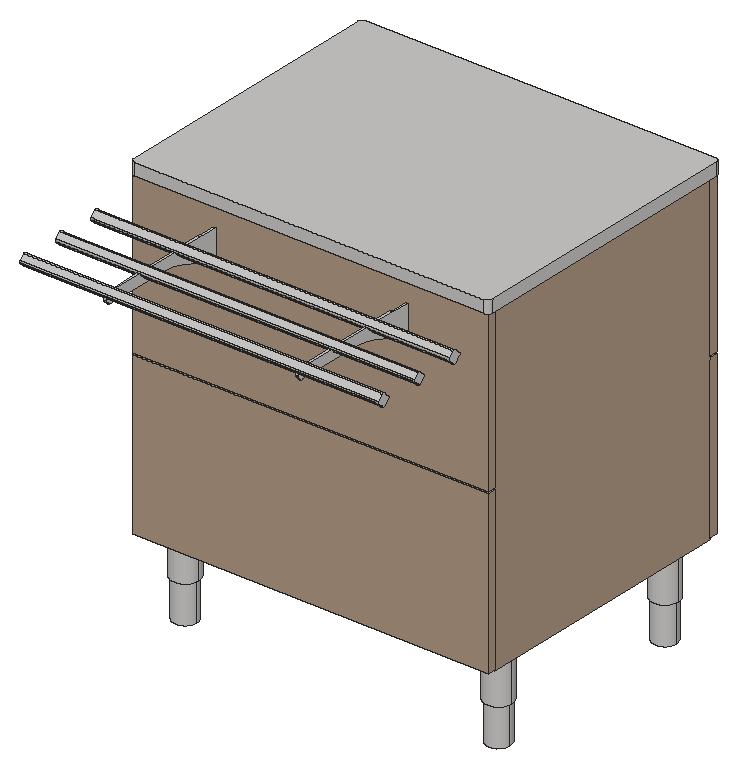
Revit family "QF_ELECTROLUXPROFESSIONAL_322108_F00N2AF00W", category Specialty Equipment, Revit 2018
Family settings
  Round Connector Dimension = Use Diameter
  Part Type = Normal
  Work Plane-Based = No
  Always vertical = Yes
  Cut with Voids When Loaded = No
  Shared = No
  Room Calculation Point = No
Parameters
  Weight = 58.00 kg
  Watts = 0 W
  Volts = 0 V
  URL Manufacturer = ""
  URL = ""
  Steam Supply Size = 0 mm
  Steam Supply Minimum Pressure = 0.0 Pa
  Steam Supply Maximum Pressure = 0.0 Pa
  Steam Pounds per Hour = 0
  Show Clearance [instance] = yes
  Refrigeration Suction Line Size = 0 mm
  Refrigeration Liquid Line Size = 0 mm
  Refrigerant Compressor Remote = yes
  Manufacturer = ""
  Phase = 0
  Model = ""
  Length Actual = 770 mm  # constant formula
  Item Number = ""
  Hot Water Size = 0 mm
  Height Actual = 900 mm  # constant formula
  HP = ""
  Gas Size = 0 mm
  Gas KW = 0
  Gas Input Pressure = 0 W
  Direct Waste Size = 0 mm
  Description = ""
  Depth Actual = 915 mm  # constant formula
  Cycle = 0 Hz
  Condensate Return Size = 0 mm
  Compressed Air Volume = 0.0 L/s
  Compressed Air Size = 0 mm
  Compressed Air Pressure = 0.0 Pa
  Cold Water Size = 0 mm
  Accessory = yes
Types (2, lengths in mm): name | URL Manufacturer | URL | Manufacturer | Model | Item Number | HP | Description
  (no name) | "" | "" | "" | "" | "" | "" | ""
  Standard | "http://professional.electrolux.com" | "http://professional.electrolux.com" | "Electrolux Professional" | "F00N2AF00W" | "322108" | "0 HP" | "AMBIENT UNIT, 2GN H=900MM"
Reference planes
  plane 1 "Centro (Fronte/Retro)": y = 74.737
  plane 2: z = 0
  plane 3 "BACK": y = 384.737
  plane 4 "FRONT": y = -235.263
  plane 5: z = 900
  plane 6 "RIGHT": x = -129.269
  plane 7 "LEFT": x = -899.269
  plane 8: x = -514.269
  plane 9: y = 664.737
  plane 10: y = -515.263
  plane 11: z = 179
  plane 12: z = 1304
  plane 13: z = 1222
  plane 14: y = 316.737
  plane 15: x = -821.269
  plane 16: x = -207.269
  plane 17: x = -895.269
  plane 18: y = -231.263
  plane 19: x = -133.269
  plane 20: y = 380.737
  plane 21: z = 874
  plane 22: y = 362.737
  plane 23: y = -213.263
  plane 24: z = 182
  plane 25: z = 527
  plane 26: z = 531
  plane 27: x = -308.269
  plane 28: x = -720.269
Forms (mm)
  Extrusion 1, solid, material "QF_Finishes_Wood"
    sketch origin (0, 0, 0) x (1, 0, 0) y (0, 1, 0)
      loop
        line (-895.269, 362.737) -> (-895.269, -213.263) -> (-133.269, -213.263) -> (-133.269, 362.737) -> (-895.269, 362.737)
    from 179 to 874
  Extrusion 2, solid, material "QF_Finishes_Wood"
    sketch origin (-133.269, 362.737, 0) x (0, -1, 0) y (0, 0, -1)
      loop
        line (576, -182) -> (576, -527) -> (594, -527) -> (594, -182) -> (576, -182)
      loop
        line (576, -531) -> (576, -874) -> (594, -874) -> (594, -531) -> (576, -531)
    from 0 to -762
  Extrusion 3, solid, material "QF_Finishes_Wood"
    sketch origin (-133.269, -213.263, 0) x (0, 1, 0) y (0, 0, 1)
      loop
        line (576, 531) -> (594, 531) -> (594, 874) -> (576, 874) -> (576, 531)
    from 0 to -762
  Extrusion 4, solid, material "QF_Finishes_Stainless Steel"
    sketch origin (0, 0, 0) x (1, 0, 0) y (0, 1, 0)
      loop
        arc (-889.269, 384.737) -> (-896.34, 381.808) -> (-899.269, 374.737) r 10
        line (-899.269, 374.737) -> (-899.269, -225.263)
        arc (-899.269, -225.263) -> (-896.34, -232.334) -> (-889.269, -235.263) r 10
        line (-889.269, -235.263) -> (-139.269, -235.263)
        arc (-139.269, -235.263) -> (-132.198, -232.334) -> (-129.269, -225.263) r 10
        line (-129.269, -225.263) -> (-129.269, 374.737)
        arc (-129.269, 374.737) -> (-132.198, 381.808) -> (-139.269, 384.737) r 10
        line (-139.269, 384.737) -> (-889.269, 384.737)
    from 874 to 900
  Extrusion 5, solid, material "QF_Finishes_Wood"
    sketch origin (-133.269, -213.263, -348) x (0, 1, 0) y (0, 0, 1)
      loop
        line (576, 530) -> (594, 530) -> (594, 875) -> (576, 875) -> (576, 530)
    from 0 to -762
  Extrusion 6, solid, material "QF_Finishes_Stainless Steel"
    sketch origin (-310.769, 362.737, 0) x (0, -1, 0) y (0, 0, -1)
      loop
        arc (628.84, -832.7) -> (632.082, -833.911) -> (635.519, -834.32) r 14.5
        line (635.519, -834.32) -> (675.715, -834.32) -> (689.858, -820.177) -> (704, -834.32) -> (770.715, -834.32) -> (784.858, -820.177) -> (799, -834.32) -> (865.716, -834.32) -> (879.858, -820.177) -> (887.686, -828.005) -> (887.686, -821.352)
        arc (887.686, -821.352) -> (887.303, -819.435) -> (886.214, -817.81) r 4.999
        line (886.214, -817.81) -> (881.179, -812.776)
        arc (881.179, -812.776) -> (879.559, -811.698) -> (877.651, -811.32) r 5
        line (877.651, -811.32) -> (732.206, -811.32)
        arc (732.206, -811.32) -> (708.662, -809.221) -> (685.86, -802.991) r 133.106
        line (685.86, -802.991) -> (638.285, -785.32) -> (597.679, -770.12) -> (594, -770.12) -> (594, -832.7) -> (628.84, -832.7)
    from 0 to 5
  Extrusion 7, solid, material "QF_Finishes_Stainless Steel"
    sketch origin (-722.769, 362.737, 0) x (0, -1, 0) y (0, 0, -1)
      loop
        arc (628.84, -832.7) -> (632.082, -833.911) -> (635.519, -834.32) r 14.5
        line (635.519, -834.32) -> (675.715, -834.32) -> (689.858, -820.177) -> (704, -834.32) -> (770.715, -834.32) -> (784.858, -820.177) -> (799, -834.32) -> (865.716, -834.32) -> (879.858, -820.177) -> (887.686, -828.005) -> (887.686, -821.352)
        arc (887.686, -821.352) -> (887.303, -819.435) -> (886.214, -817.81) r 4.999
        line (886.214, -817.81) -> (881.179, -812.776)
        arc (881.179, -812.776) -> (879.559, -811.698) -> (877.651, -811.32) r 5
        line (877.651, -811.32) -> (732.206, -811.32)
        arc (732.206, -811.32) -> (708.662, -809.221) -> (685.86, -802.991) r 133.106
        line (685.86, -802.991) -> (638.285, -785.32) -> (597.679, -770.12) -> (594, -770.12) -> (594, -832.7) -> (628.84, -832.7)
    from 0 to 5
  Extrusion 8, solid, material "QF_Finishes_Stainless Steel"
    sketch origin (-133.269, 362.737, 0) x (0, -1, 0) y (0, 0, -1)
      loop
        line (881.983, -846.337) -> (891.875, -836.445)
        arc (891.875, -836.445) -> (892.757, -834.322) -> (891.879, -832.198) r 3
        line (891.879, -832.198) -> (881.979, -822.299)
        arc (881.979, -822.299) -> (879.858, -821.42) -> (877.737, -822.299) r 3
        line (877.737, -822.299) -> (867.837, -832.198)
        arc (867.837, -832.198) -> (866.958, -834.32) -> (867.837, -836.441) r 3
        line (867.837, -836.441) -> (877.737, -846.34)
        arc (877.737, -846.34) -> (879.86, -847.219) -> (881.983, -846.337) r 3
      loop
        line (786.979, -846.34) -> (796.879, -836.441)
        arc (796.879, -836.441) -> (797.757, -834.32) -> (796.879, -832.198) r 3
        line (796.879, -832.198) -> (786.979, -822.299)
        arc (786.979, -822.299) -> (784.858, -821.42) -> (782.737, -822.299) r 3
        line (782.737, -822.299) -> (772.837, -832.198)
        arc (772.837, -832.198) -> (771.958, -834.317) -> (772.833, -836.437) r 3
        line (772.833, -836.437) -> (782.741, -846.345)
        arc (782.741, -846.345) -> (784.861, -847.219) -> (786.979, -846.34) r 3
      loop
        line (691.976, -846.343) -> (701.882, -836.438)
        arc (701.882, -836.438) -> (702.757, -834.318) -> (701.879, -832.198) r 3
        line (701.879, -832.198) -> (691.979, -822.299)
        arc (691.979, -822.299) -> (689.858, -821.42) -> (687.737, -822.299) r 3
        line (687.737, -822.299) -> (677.837, -832.198)
        arc (677.837, -832.198) -> (676.958, -834.32) -> (677.837, -836.441) r 3
        line (677.837, -836.441) -> (687.737, -846.34)
        arc (687.737, -846.34) -> (689.856, -847.219) -> (691.976, -846.343) r 3
    from 4 to -766
Lines and regions (mm)
  symbolic lines
    curve 1: line (-129.269, -530.263, 0) -> (-899.269, -530.263, 0)
    curve 2: line (-899.269, -530.263, 0) -> (-899.269, -235.263, 0)
    curve 3: line (-889.269, 384.737, 0) -> (-139.269, 384.737, 0)
    curve 4: line (-899.269, -235.263, 0) -> (-129.269, -235.263, 0)
    curve 5: line (-129.269, 374.737, 0) -> (-129.269, -225.263, 0)
    curve 6: line (-129.269, -235.263, 0) -> (-129.269, -530.263, 0)
    curve 7: line (-899.269, -225.263, 0) -> (-899.269, 374.737, 0)
    curve 8: arc (-899.269, -225.263, 0) -> (-896.34, -232.334, 0) -> (-889.269, -235.263, 0) r 10
    curve 9: arc (-899.269, 374.737, 0) -> (-896.34, 381.808, 0) -> (-889.269, 384.737, 0) r 10
    curve 10: arc (-139.269, 384.737, 0) -> (-132.198, 381.808, 0) -> (-129.269, 374.737, 0) r 10
    curve 11: arc (-139.269, -235.263, 0) -> (-132.198, -232.334, 0) -> (-129.269, -225.263, 0) r 10
Dimensions and locks
  plane 7 "LEFT" to plane 6 "RIGHT" = 770 mm
  equal spacing: plane 3 "BACK", plane 1 "Centro (Fronte/Retro)", plane 4 "FRONT"
  plane 3 "BACK" to plane 4 "FRONT" = 620 mm
  equal spacing: plane 7 "LEFT", plane 8, plane 6 "RIGHT"
  locked: plane 9 to plane 3 "BACK" at 280
  locked: plane 4 "FRONT" to plane 10 at 280
  plane 11 to plane 2 = 179 mm
  locked: plane 5 to plane 2 at 900
  locked: plane 12 to plane 2 at 1304
  locked: plane 13 to plane 2 at 1222
  locked: plane 3 "BACK" to plane 14 at 68
  locked: plane 7 "LEFT" to plane 15 at 78
  locked: plane 16 to plane 6 "RIGHT" at 78
  locked: plane 3 "BACK" to plane 20 at 4
  locked: plane 7 "LEFT" to plane 17 at 4
  locked: plane 19 to plane 6 "RIGHT" at 4
  locked: plane 18 to plane 4 "FRONT" at 4
  locked: plane 5 to plane 21 at 26
  locked: plane 23 to plane 18 at 18
  locked: plane 20 to plane 22 at 18
  locked: plane 19 to plane 27 at 175
  locked: plane 28 to plane 17 at 175
  plane 9 to plane 10 = 1180 mm
  plane 6 "RIGHT" to plane 16 = 78 mm
  plane 15 to plane 7 "LEFT" = 78 mm
  aligned and locked: level to plane 2
  aligned and locked: Extrusion 1 sketch curve to plane 22
  aligned and locked: plane 17 to Extrusion 1 sketch curve
  aligned and locked: plane 23 to Extrusion 1 sketch curve
  aligned and locked: Extrusion 1 sketch curve to plane 19
  aligned and locked: plane 21 to Extrusion 1
  aligned and locked: Extrusion 1 to plane 11
  aligned and locked: plane 24 to Extrusion 2 sketch curve
  aligned and locked: Extrusion 2 sketch curve to plane 23  (x2)
  aligned and locked: Extrusion 2 sketch curve to plane 25
  aligned and locked: plane 18 to Extrusion 2 sketch curve  (x2)
  aligned and locked: plane 26 to Extrusion 2 sketch curve
  aligned and locked: Extrusion 2 sketch curve to plane 21
  aligned and locked: Extrusion 2 to plane 17
  aligned and locked: Extrusion 3 to plane 17
  aligned and locked: Extrusion 4 sketch curve to plane 3 "BACK"
  aligned and locked: plane 7 "LEFT" to Extrusion 4 sketch curve
  aligned and locked: plane 4 "FRONT" to Extrusion 4 sketch curve
  aligned and locked: Extrusion 4 sketch curve to plane 6 "RIGHT"
  aligned and locked: Extrusion 4 to plane 21
  aligned and locked: Extrusion 5 to plane 24
  aligned and locked: plane 25 to Extrusion 5
  aligned and locked: Extrusion 5 to plane 17
  aligned and locked: plane 19 to Extrusion 5
  aligned and locked: plane 6 "RIGHT" to Extrusion 8
  aligned and locked: Extrusion 8 to plane 7 "LEFT"
Automatic sketch dimensions
  Extrusion 1 to Extrusion 3 sketch curve = 0 mm
  Extrusion 3 sketch curve to Extrusion 1 = 0 mm
  Extrusion 3 sketch curve to Extrusion 3 sketch curve = 18 mm
  Extrusion 3 sketch curve to Extrusion 3 sketch curve = 343 mm
  Extrusion 5 sketch curve to Extrusion 1 = 0 mm
  Extrusion 5 sketch curve to Extrusion 5 sketch curve = 18 mm
  Extrusion 1 to Extrusion 5 sketch curve = 3 mm
  Extrusion 5 sketch curve to Extrusion 5 sketch curve = 345 mm
  plane 17 to Extrusion 4 sketch curve = 6 mm  (x2)
  Extrusion 4 sketch curve to plane 19 = 6 mm  (x2)
  Extrusion 6 sketch curve to plane 18 = 0 mm
  plane 4 "FRONT" to Extrusion 6 sketch curve = 0.321 mm
  Extrusion 6 sketch curve to plane 4 "FRONT" = 30.84 mm
  Extrusion 6 sketch curve to Extrusion 6 sketch curve = 6.66 mm
  Extrusion 6 sketch curve to Extrusion 6 sketch curve = 6.678 mm
  Extrusion 6 sketch curve to Extrusion 6 sketch curve = 2.785 mm
  Extrusion 6 sketch curve to Extrusion 6 sketch curve = 40.197 mm
  Extrusion 6 sketch curve to Extrusion 6 sketch curve = 10.145 mm
  Extrusion 6 sketch curve to Extrusion 6 sketch curve = 3.998 mm
  Extrusion 6 sketch curve to plane 21 = 39.68 mm  (x2)
  Extrusion 6 sketch curve to Extrusion 6 sketch curve = 14.142 mm  (x3)
  Extrusion 6 sketch curve to Extrusion 6 sketch curve = 28.206 mm
  Extrusion 6 sketch curve to Extrusion 6 sketch curve = 38.51 mm
  Extrusion 6 sketch curve to Extrusion 6 sketch curve = 14.143 mm
  plane 10 to Extrusion 6 sketch curve = 12.284 mm
  plane 10 to Extrusion 6 sketch curve = 0.349 mm
  Extrusion 6 sketch curve to plane 10 = 1.858 mm
  Extrusion 6 sketch curve to plane 10 = 3.179 mm
  Extrusion 6 sketch curve to Extrusion 6 sketch curve = 2.829 mm
  Extrusion 6 sketch curve to Extrusion 6 sketch curve = 3.528 mm
  Extrusion 6 sketch curve to Extrusion 6 sketch curve = 4.999 mm
  Extrusion 6 sketch curve to Extrusion 6 sketch curve = 0 mm  (x2)
  Extrusion 6 sketch curve to Extrusion 6 sketch curve = 1.62 mm
  Extrusion 6 sketch curve to Extrusion 6 sketch curve = 6.314 mm
  Extrusion 6 sketch curve to Extrusion 6 sketch curve = 6.653 mm
  Extrusion 6 sketch curve to Extrusion 6 sketch curve = 1.175 mm
  Extrusion 6 sketch curve to Extrusion 6 sketch curve = 3.858 mm
  Extrusion 6 sketch curve to Extrusion 6 sketch curve = 3.543 mm
  Extrusion 6 sketch curve to Extrusion 6 sketch curve = 23 mm
  Extrusion 6 sketch curve to Extrusion 6 sketch curve = 17.187 mm
  Extrusion 6 sketch curve to Extrusion 6 sketch curve = 34.499 mm
  Extrusion 6 sketch curve to Extrusion 6 sketch curve = 15.2 mm
  Extrusion 7 sketch curve to plane 18 = 0 mm
  plane 4 "FRONT" to Extrusion 7 sketch curve = 0.321 mm
  Extrusion 7 sketch curve to plane 4 "FRONT" = 30.84 mm
  Extrusion 7 sketch curve to Extrusion 7 sketch curve = 6.66 mm
  Extrusion 7 sketch curve to Extrusion 7 sketch curve = 6.678 mm
  Extrusion 7 sketch curve to Extrusion 7 sketch curve = 2.785 mm
  Extrusion 7 sketch curve to Extrusion 7 sketch curve = 40.197 mm
  Extrusion 7 sketch curve to Extrusion 7 sketch curve = 10.145 mm
  Extrusion 7 sketch curve to Extrusion 7 sketch curve = 3.998 mm
  Extrusion 7 sketch curve to plane 21 = 39.68 mm  (x2)
  Extrusion 7 sketch curve to Extrusion 7 sketch curve = 14.142 mm  (x3)
  Extrusion 7 sketch curve to Extrusion 7 sketch curve = 28.206 mm
  Extrusion 7 sketch curve to Extrusion 7 sketch curve = 38.51 mm
  Extrusion 7 sketch curve to Extrusion 7 sketch curve = 14.143 mm
  plane 10 to Extrusion 7 sketch curve = 12.284 mm
  plane 10 to Extrusion 7 sketch curve = 0.349 mm
  Extrusion 7 sketch curve to plane 10 = 1.858 mm
  Extrusion 7 sketch curve to plane 10 = 3.179 mm
  Extrusion 7 sketch curve to Extrusion 7 sketch curve = 2.829 mm
  Extrusion 7 sketch curve to Extrusion 7 sketch curve = 3.528 mm
  Extrusion 7 sketch curve to Extrusion 7 sketch curve = 4.999 mm
  Extrusion 7 sketch curve to Extrusion 7 sketch curve = 0 mm  (x2)
  Extrusion 7 sketch curve to Extrusion 7 sketch curve = 1.62 mm
  Extrusion 7 sketch curve to Extrusion 7 sketch curve = 6.314 mm
  Extrusion 7 sketch curve to Extrusion 7 sketch curve = 6.653 mm
  Extrusion 7 sketch curve to Extrusion 7 sketch curve = 1.175 mm
  Extrusion 7 sketch curve to Extrusion 7 sketch curve = 3.858 mm
  Extrusion 7 sketch curve to Extrusion 7 sketch curve = 3.543 mm
  Extrusion 7 sketch curve to Extrusion 7 sketch curve = 23 mm
  Extrusion 7 sketch curve to Extrusion 7 sketch curve = 17.187 mm
  Extrusion 7 sketch curve to Extrusion 7 sketch curve = 34.499 mm
  Extrusion 7 sketch curve to Extrusion 7 sketch curve = 15.2 mm
  Extrusion 8 sketch curve to plane 21 = 39.68 mm
  Extrusion 8 sketch curve to plane 4 "FRONT" = 81.958 mm
  Extrusion 8 sketch curve to Extrusion 8 sketch curve = 9.899 mm  (x7)
  Extrusion 8 sketch curve to plane 21 = 27.657 mm
  Extrusion 8 sketch curve to Extrusion 8 sketch curve = 2.118 mm  (x3)
  Extrusion 8 sketch curve to plane 21 = 37.562 mm
  Extrusion 8 sketch curve to Extrusion 8 sketch curve = 2.124 mm  (x2)
  Extrusion 8 sketch curve to plane 21 = 37.563 mm
  Extrusion 8 sketch curve to Extrusion 8 sketch curve = 70.951 mm
  Extrusion 8 sketch curve to plane 21 = 41.802 mm  (x2)
  Extrusion 8 sketch curve to Extrusion 8 sketch curve = 0.004 mm  (x2)
  Extrusion 8 sketch curve to Extrusion 8 sketch curve = 2.126 mm
  Extrusion 8 sketch curve to plane 21 = 27.655 mm
  Extrusion 8 sketch curve to Extrusion 8 sketch curve = 9.908 mm
  Extrusion 8 sketch curve to Extrusion 8 sketch curve = 2.117 mm
  Extrusion 8 sketch curve to Extrusion 8 sketch curve = 9.9 mm  (x2)
  Extrusion 8 sketch curve to plane 21 = 27.66 mm  (x3)
  Extrusion 8 sketch curve to Extrusion 8 sketch curve = 2.121 mm  (x20)
  Extrusion 8 sketch curve to plane 21 = 37.559 mm  (x2)
  plane 10 to Extrusion 8 sketch curve = 10.163 mm
  Extrusion 8 sketch curve to Extrusion 8 sketch curve = 0 mm  (x14)
  plane 10 to Extrusion 8 sketch curve = 0.263 mm  (x2)
  Extrusion 8 sketch curve to plane 10 = 1.858 mm  (x2)
  Extrusion 8 sketch curve to Extrusion 8 sketch curve = 2.125 mm  (x2)
  Extrusion 8 sketch curve to plane 10 = 11.757 mm
  Extrusion 8 sketch curve to Extrusion 8 sketch curve = 9.892 mm
  curve 9 to plane 7 "LEFT" = 0 mm
  curve 1 to plane 7 "LEFT" = 0 mm
  curve 9 to plane 3 "BACK" = 0 mm
  curve 8 to plane 4 "FRONT" = 0 mm
  curve 1 to plane 6 "RIGHT" = 0 mm
  curve 5 to plane 6 "RIGHT" = 0 mm
  plane 17 to curve 8 = 6 mm
  plane 17 to curve 9 = 6 mm
  curve 10 to plane 19 = 6 mm
  plane 18 to curve 11 = 6 mm
  curve 6 to plane 10 = 15 mm
Nested families
  nested 1: "Foot_Ø50_H179" at (-850.369, -148.263, 0), type "Foot_Ø50_H179"
  nested 2: "Foot_Ø50_H179" at (-178.169, -148.263, 0), type "Foot_Ø50_H179"
  nested 3: "Foot_Ø50_H179" at (-178.169, 297.737, 0), type "Foot_Ø50_H179"
  nested 4: "Foot_Ø50_H179" at (-850.369, 297.737, 0), type "Foot_Ø50_H179"
Definition of nested family "Foot_Ø50_H179"
  Reference planes
    plane 1 "Centro (Fronte/Retro)": y = 0
    plane 2: z = 0
    plane 3 "Centro (Sinistra/Destra)": x = 0
    plane 4: z = 179
  Forms (mm)
    Revolve 1, solid
      sketch origin (255.05, 0, 608.09) x (0, 0, 1) y (-1, 0, 0)
        loop
          line (-608.09, 255.05) -> (-608.09, 230.05) -> (-526.09, 230.05) -> (-526.09, 226.05) -> (-429.09, 226.05) -> (-429.09, 255.05) -> (-608.09, 255.05)
        axis (-608.09, 255.05) -> (-429.09, 255.05)
      angle from 0 to 360
  Dimensions and locks
    Revolve 1 sketch curve to Revolve 1 sketch curve = 97 mm
    aligned and locked: level to plane 2
    aligned and locked: plane 4 to Revolve 1 sketch curve
    aligned and locked: Revolve 1 sketch curve to level
    aligned and locked: plane 3 "Centro (Sinistra/Destra)" to Revolve 1 sketch curve
